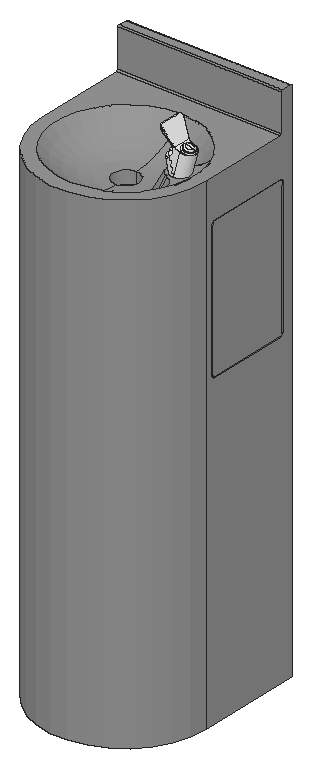
Revit family "rba-bim-rba8902-102", category Plumbing Fixtures, Revit 2018
Family settings
  Round Connector Dimension = Use Diameter
  Part Type = Normal
  Work Plane-Based = No
  Always vertical = Yes
  Cut with Voids When Loaded = No
  Shared = No
  Room Calculation Point = No
Parameters (values of type "RBA8902-102")
  URL = "www.rba.com.au"
  Modified Issue = "20210728.01"
  Height = 150.000 mm
  Model = "RBA8902-102"
  Manufacturer = "RBA Group"  # constant formula
  Description = "Watermarked Lead-Free Pedestal Drinking Fountain"
  Copyright by = "RBA Group"  # constant formula
  Basin & Housing = Type 304 Stainless Steel
Reference planes
  plane 1 "Center (Front/Back)": y = 0
  plane 2: z = 0
  plane 3 "Center (Left/Right)": x = 0
  plane 4: z = 990
  plane 5: z = 865
  plane 6: x = 60.4
  plane 7: z = 909.954
  plane 8: y = -350
  plane 9: x = -130
  plane 10: x = 130
Forms (mm)
  Revolve 1, void
    sketch origin (0, -223.224, 765.775) x (0, 1, 0) y (0, 0, 1)
      loop
        line (28.224, 76.225) -> (28.224, 149.225) -> (-101.776, 149.225)
        arc (-101.776, 149.225) -> (-54.377, 112.352) -> (4.224, 99.225) r 137.36
        line (4.224, 99.225) -> (4.224, 76.225) -> (28.224, 76.225)
      axis (28.224, 76.225) -> (28.224, 149.225)
    angle from 0 to 360
  Extrusion 2, solid, material "Type 304 Stainless Steel" <- "Basin & Housing"
    sketch origin (0, -197.612, 765.775) x (0, 1, 0) y (-1, 0, 0)
      loop
        line (172.612, 152.6) -> (0.112, 152.6)
        arc (0.112, 152.6) -> (-152.388, 0.1) -> (0.112, -152.4) r 152.5
        line (0.112, -152.4) -> (172.612, -152.4) -> (172.612, 152.6)
    from -765.775 to 149.225
  Extrusion 3, solid, material "Type 304 Stainless Steel" <- "Basin & Housing"
    sketch origin (0, -197.362, 765.775) x (0, -1, 0) y (0, 0, 1)
      loop
        line (-174.724, 151.587) -> (-174.724, 221.863)
        arc (-174.724, 221.863) -> (-175.416, 223.533) -> (-177.086, 224.225) r 2.362
        line (-177.086, 224.225) -> (-195, 224.225)
        arc (-195, 224.225) -> (-196.67, 223.533) -> (-197.362, 221.863) r 2.362
        line (-197.362, 221.863) -> (-197.362, -765.775) -> (-172.362, -765.775) -> (-172.362, 149.225)
        arc (-172.362, 149.225) -> (-174.032, 149.917) -> (-174.724, 151.587) r 2.362
    from -152.4 to 152.6
  SweptBlend 4, solid, material "Type 304 Stainless Steel" <- "Basin & Housing"
    path origin (0, -195, 670) x (0, -1, 0) y (0, 0, 1)
      loop
        line (-0.112, 239.954) -> (-0.112, 194.954)
    profile origin (0, -194.888, 909.954) x (-1, 0, 0) y (0, -1, 0)
      loop
        arc (-93.474, -21.067) -> (-91.623, -20.386) -> (-89.839, -19.543) r 22.225
        arc (-89.839, -19.543) -> (-77.989, 0.112) -> (-89.839, 19.767) r 22.225
        arc (-89.839, 19.767) -> (-91.623, 20.61) -> (-93.474, 21.291) r 22.225
        arc (-93.474, 21.291) -> (-112.425, 43.353) -> (-108.227, 72.132) r 35.093
        arc (-108.227, 72.132) -> (-130, 0.112) -> (-108.227, -71.908) r 130
        arc (-108.227, -71.908) -> (-112.425, -43.129) -> (-93.474, -21.067) r 35.093
    end profile origin (0, -194.888, 864.954) x (-1, 0, 0) y (0, -1, 0)
      loop
        arc (-96.459, -87.041) -> (-93.907, -63.108) -> (-79.117, -44.119) r 43.89
        arc (-79.117, -44.119) -> (-54.404, 0.112) -> (-79.117, 44.343) r 51.939
        arc (-79.117, 44.343) -> (-93.907, 63.332) -> (-96.459, 87.265) r 43.89
        arc (-96.459, 87.265) -> (-130, 0.112) -> (-96.459, -87.041) r 130
  Extrusion 5, void
    sketch origin (0, 0, 0) x (1, 0, 0) y (0, 0, 1)
      loop
        circle (-77.6, 75) r 4.5
      loop
        circle (-77.6, 840) r 4.5
      loop
        circle (-77.6, 455) r 4.5
      loop
        circle (77.6, 75) r 4.5
      loop
        circle (77.6, 840) r 4.5
      loop
        circle (77.6, 455) r 4.5
    from 0 to 2.5
  Blend 6, solid, material "Type 304 Stainless Steel" <- "Basin & Housing"
    base sketch origin (0, 0, 0) x (0, 1, 0) y (0, 0, 1)
      loop
        arc (-180.545, 842.878) -> (-185.484, 840.833) -> (-187.53, 835.894) r 6.984
        line (-187.53, 835.894) -> (-187.53, 585.769)
        arc (-187.53, 585.769) -> (-185.484, 580.83) -> (-180.545, 578.785) r 6.984
        line (-180.545, 578.785) -> (-27.843, 578.785)
        arc (-27.843, 578.785) -> (-22.905, 580.83) -> (-20.859, 585.769) r 6.984
        line (-20.859, 585.769) -> (-20.859, 835.894)
        arc (-20.859, 835.894) -> (-22.905, 840.833) -> (-27.843, 842.878) r 6.984
        line (-27.843, 842.878) -> (-180.545, 842.878)
    top sketch origin (0, 0, 0) x (0, 1, 0) y (0, 0, 1)
      loop
        line (-27.843, 840.897) -> (-180.545, 840.897)
        arc (-180.545, 840.897) -> (-184.083, 839.432) -> (-185.549, 835.894) r 5.003
        line (-185.549, 835.894) -> (-185.549, 585.769)
        arc (-185.549, 585.769) -> (-184.083, 582.231) -> (-180.545, 580.766) r 5.003
        line (-180.545, 580.766) -> (-27.843, 580.766)
        arc (-27.843, 580.766) -> (-24.305, 582.231) -> (-22.84, 585.769) r 5.003
        line (-22.84, 585.769) -> (-22.84, 835.894)
        arc (-22.84, 835.894) -> (-24.305, 839.432) -> (-27.843, 840.897) r 5.003
    from 152.4 to 153.4
Cuts and joins
  Revolve 1, Extrusion 5 cuts Extrusion 2
  Extrusion 5 cuts Extrusion 3
  Extrusion 5 cuts SweptBlend 4
  joined: Extrusion 2, Extrusion 3, SweptBlend 4
Dimensions and locks
  cut or joined group of Revolve 1, Extrusion 2, Extrusion 3, SweptBlend 4, Extrusion 5 to cut or joined group of Revolve 1, Extrusion 2, Extrusion 3, SweptBlend 4, Extrusion 5 = 305.000 mm
  cut or joined group of Revolve 1, Extrusion 2, Extrusion 3, SweptBlend 4, Extrusion 5 to plane 1 "Center (Front/Back)" = 350.000 mm
  nested 1 to plane 1 "Center (Front/Back)" = 195.000 mm
  plane 4 to level = 990.000 mm
  plane 7 to level = 909.954 mm
  locked: plane 7 to SweptBlend 4 sketch curve at 45
  aligned and locked: plane 7 to nested 1
  aligned and locked: nested 1 to plane 7
Nested families
  nested 1: "RBA8900_Bubbler" at (100.84, -195, 909.954), type "Bubbler"
Definition of nested family "RBA8900_Bubbler"
  Parameters
    URL = "www.rba.com.au"
    Tap Head Satin = no
    Tap Head Polished = yes
    Tap = none
    Model = "Bubbler"
    Manufacturer = "rba"
    Description = ""
    Default Elevation = 1219.200 mm
  Reference planes
    plane 1 "Center (Front/Back)": y = 0
    plane 2: z = 0
    plane 3 "Center (Left/Right)": x = 0
    plane 4: z = 0
  Forms (mm)
    Extrusion 1, void, not visible
      sketch origin (190.394, 16, 54.737) x (0.48481, 0, -0.87462) y (0, -1, 0)
        loop
          arc (-34.602, 33.521) -> (-32.666, 37.951) -> (-28.288, 40) r 6.851
          line (-28.288, 40) -> (-24.456, 40)
          arc (-24.456, 40) -> (-14.588, 37.396) -> (-4.839, 34.375) r 240.547
          arc (-4.839, 34.375) -> (0.295, 32.936) -> (5.544, 32) r 55.094
          line (5.544, 32) -> (5.544, 44.082) -> (-37.297, 44.082) -> (-37.297, -12.879) -> (5.544, -12.879) -> (5.544, 0)
          arc (5.544, 0) -> (0.295, -0.936) -> (-4.839, -2.375) r 55.094
          arc (-4.839, -2.375) -> (-14.588, -5.396) -> (-24.456, -8) r 240.547
          line (-24.456, -8) -> (-28.288, -8)
          arc (-28.288, -8) -> (-32.666, -5.951) -> (-34.602, -1.521) r 6.851
          line (-34.602, -1.521) -> (-34.602, 33.521)
      from 0 to 5.726
    Extrusion 2, void, not visible
      sketch origin (196.613, 16, 45.679) x (-0.965926, 0, 0.258819) y (0, 1, 0)
        loop
          line (15.527, -32) -> (-7.034, -32)
          arc (-7.034, -32) -> (-23.034, -16) -> (-7.034, 0) r 16
          line (-7.034, 0) -> (15.527, 0) -> (15.527, 14.45) -> (-28.034, 14.45) -> (-28.034, -45.534) -> (15.527, -45.534) -> (15.527, -32)
      from -6.887 to 62.035
    Extrusion 3, solid, material <- "Tap", not visible
      sketch origin (0, 24, 0) x (1, 0, 0) y (0, 0, 1)
        loop
          arc (201.92, 44.257) -> (197.068, 46.392) -> (193.082, 49.888) r 17.425
          line (193.082, 49.888) -> (189.386, 47.84)
          arc (189.386, 47.84) -> (189.518, 41.776) -> (188.076, 35.885) r 23.232
          arc (188.076, 35.885) -> (185.093, 31.314) -> (180.521, 28.331) r 13.267
          line (180.521, 28.331) -> (168.461, 26.204) -> (173.081, 0) -> (210.42, 0) -> (218.863, 39.717) -> (201.92, 44.257)
      from 0 to 48
    Extrusion 4, void, not visible
      sketch origin (168.461, 24, 26.204) x (-0.984808, 0, -0.173648) y (0, 1, 0)
        loop
          line (-18.589, 5.61) -> (-18.589, -8) -> (-16, -8)
          arc (-16, -8) -> (0, -24) -> (-16, -40) r 16
          line (-16, -40) -> (-18.589, -40) -> (-18.589, -50) -> (21, -50) -> (21, 5.61) -> (-18.589, 5.61)
      from -11.774 to 50.524
    Extrusion 5, solid, material <- "Tap", not visible
      sketch origin (0, 24, 0) x (1, 0, 0) y (0, 0, 1)
        loop
          line (193.082, 49.888) -> (173.619, 85) -> (170.995, 83.546) -> (188.076, 52.731)
          arc (188.076, 52.731) -> (188.865, 50.321) -> (189.386, 47.84) r 23.232
          line (189.386, 47.84) -> (193.082, 49.888)
      from 0 to 48
    Revolve 6, solid, material <- "Tap", not visible
      sketch origin (189.454, 0, -21.888) x (-0.965926, 0, 0.258819) y (0.258819, 0, 0.965926)
        loop
          line (-12.461, 67.118) -> (0, 67.118) -> (0, 73.342) -> (-7.686, 73.342)
          arc (-7.686, 73.342) -> (-8.765, 72.895) -> (-9.211, 71.817) r 1.525
          line (-9.211, 71.817) -> (-9.211, 69.618)
          arc (-9.211, 69.618) -> (-9.358, 69.265) -> (-9.711, 69.118) r 0.5
          line (-9.711, 69.118) -> (-11.461, 69.118)
          arc (-11.461, 69.118) -> (-12.168, 68.825) -> (-12.461, 68.118) r 1
          line (-12.461, 68.118) -> (-12.461, 67.118)
        axis (0, 67.118) -> (0, 73.342)
      angle from 0 to 360
    Blend 7, solid, material <- "Tap", not visible
      base sketch origin (168.461, 24, 26.204) x (0.984808, 0, 0.173648) y (0, 1, 0)
        loop
          circle (9.56, -24) r 7
      top sketch origin (168.461, 24, 26.204) x (0.984808, 0, 0.173648) y (0, 1, 0)
        loop
          circle (9.56, -24) r 5
      from 0 to 6
    Extrusion 8, void
      sketch origin (-0.098, 16, 54.737) x (0.48481, 0, -0.87462) y (0, -1, 0)
        loop
          arc (-34.602, 33.521) -> (-32.666, 37.951) -> (-28.288, 40) r 6.851
          line (-28.288, 40) -> (-24.456, 40)
          arc (-24.456, 40) -> (-14.588, 37.396) -> (-4.839, 34.375) r 240.547
          arc (-4.839, 34.375) -> (0.295, 32.936) -> (5.544, 32) r 55.094
          line (5.544, 32) -> (5.544, 44.082) -> (-37.297, 44.082) -> (-37.297, -12.879) -> (5.544, -12.879) -> (5.544, 0)
          arc (5.544, 0) -> (0.295, -0.936) -> (-4.839, -2.375) r 55.094
          arc (-4.839, -2.375) -> (-14.588, -5.396) -> (-24.456, -8) r 240.547
          line (-24.456, -8) -> (-28.288, -8)
          arc (-28.288, -8) -> (-32.666, -5.951) -> (-34.602, -1.521) r 6.851
          line (-34.602, -1.521) -> (-34.602, 33.521)
      from 0 to 5.726
    Extrusion 9, void
      sketch origin (6.121, 16, 45.679) x (-0.965926, 0, 0.258819) y (0, 1, 0)
        loop
          line (15.527, -32) -> (-7.034, -32)
          arc (-7.034, -32) -> (-23.034, -16) -> (-7.034, 0) r 16
          line (-7.034, 0) -> (15.527, 0) -> (15.527, 14.45) -> (-28.034, 14.45) -> (-28.034, -45.534) -> (15.527, -45.534) -> (15.527, -32)
      from -6.887 to 62.035
    Extrusion 10, solid, material <- "Tap"
      sketch origin (-190.492, 24, 0) x (1, 0, 0) y (0, 0, 1)
        loop
          arc (201.92, 44.257) -> (197.068, 46.392) -> (193.082, 49.888) r 17.425
          line (193.082, 49.888) -> (189.386, 47.84)
          arc (189.386, 47.84) -> (189.518, 41.776) -> (188.076, 35.885) r 23.232
          arc (188.076, 35.885) -> (185.093, 31.314) -> (180.521, 28.331) r 13.267
          line (180.521, 28.331) -> (168.461, 26.204) -> (173.081, 0) -> (210.42, 0) -> (218.863, 39.717) -> (201.92, 44.257)
      from 0 to 48
    Extrusion 11, void
      sketch origin (-22.031, 24, 26.204) x (-0.984808, 0, -0.173648) y (0, 1, 0)
        loop
          line (-18.589, 5.61) -> (-18.589, -8) -> (-16, -8)
          arc (-16, -8) -> (0, -24) -> (-16, -40) r 16
          line (-16, -40) -> (-18.589, -40) -> (-18.589, -50) -> (21, -50) -> (21, 5.61) -> (-18.589, 5.61)
      from -11.774 to 50.524
    Extrusion 12, solid, material <- "Tap"
      sketch origin (-190.492, 24, 0) x (1, 0, 0) y (0, 0, 1)
        loop
          line (193.082, 49.888) -> (173.619, 85) -> (170.995, 83.546) -> (188.076, 52.731)
          arc (188.076, 52.731) -> (188.865, 50.321) -> (189.386, 47.84) r 23.232
          line (189.386, 47.84) -> (193.082, 49.888)
      from 0 to 48
    Revolve 13, solid, material <- "Tap"
      sketch origin (-1.038, 0, -21.888) x (-0.965926, 0, 0.258819) y (0.258819, 0, 0.965926)
        loop
          line (-12.461, 67.118) -> (0, 67.118) -> (0, 73.342) -> (-7.686, 73.342)
          arc (-7.686, 73.342) -> (-8.765, 72.895) -> (-9.211, 71.817) r 1.525
          line (-9.211, 71.817) -> (-9.211, 69.618)
          arc (-9.211, 69.618) -> (-9.358, 69.265) -> (-9.711, 69.118) r 0.5
          line (-9.711, 69.118) -> (-11.461, 69.118)
          arc (-11.461, 69.118) -> (-12.168, 68.825) -> (-12.461, 68.118) r 1
          line (-12.461, 68.118) -> (-12.461, 67.118)
        axis (0, 67.118) -> (0, 73.342)
      angle from 0 to 360
    Blend 14, solid, material <- "Tap"
      base sketch origin (-22.031, 24, 26.204) x (0.984808, 0, 0.173648) y (0, 1, 0)
        loop
          circle (9.56, -24) r 7
      top sketch origin (-22.031, 24, 26.204) x (0.984808, 0, 0.173648) y (0, 1, 0)
        loop
          circle (9.56, -24) r 5
      from 0 to 6
  Cuts and joins
    Extrusion 8, Extrusion 9, Extrusion 11 cuts Extrusion 10
    Extrusion 8 cuts Extrusion 12
  Lines and regions (mm)
    symbolic lines
      curve 1: line (0, 0, 2.805) -> (0, 0, -47.195)
